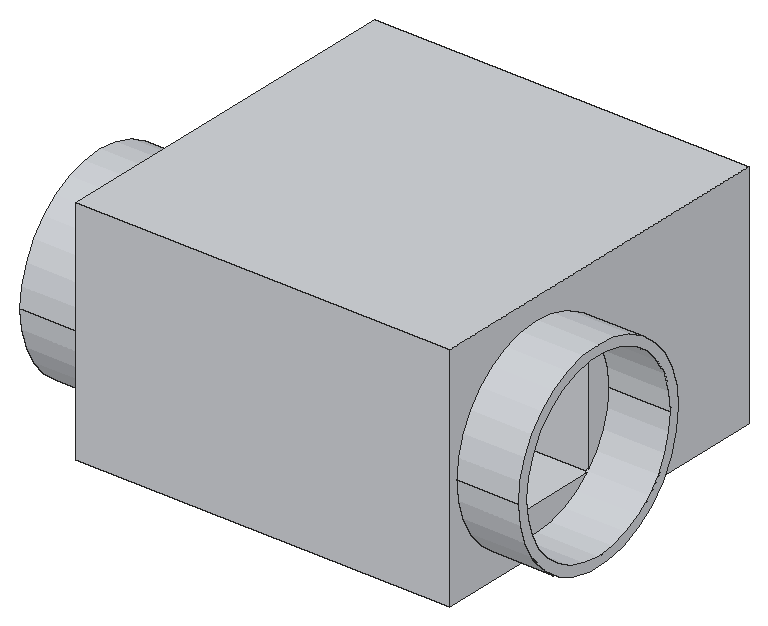
Revit family "ROSENBERG_Z_U", category Wyposażenie mechaniczne, Revit 2016
Family settings
  Typ części = Dzieli na
  Wymiar okrągłego złącza = Użyj średnicy
  Numer OmniClass = 23.75.00.00
  Tytuł OmniClass = Climate Control (HVAC)
  Oparty na płaszczyźnie roboczej = Nie
  Zawsze pionowo = Tak
  Tnij formami wycięć po wczytaniu = Nie
  Współdzielony = Tak
  Punkt obliczania pomieszczeń = Nie
Parameters (values of type "Z 160 U G")
  Średnica przyłącza = 160 mm
  param_otwor.sr = Średnica przyłącza - 15 mm  # 145 mm
  param_Wentylator szerokość = 300 mm
  param_Went.Przył.odsunięcie Y = 88 mm
  param_Went.Przył.odsunięcie X = 213 mm
  param_Wysokość kołnierza = 30 mm
  param_f1 = ((param_Wentylator długość / 2) / 3) + (param_Wentylator długość / 2)  # 266.667 mm
  param_Wentylator długość = 400 mm
  param_Skrzynia długość = 300 mm
  param_b1 = (param_Wentylator długość / 2) / 2  # 100 mm
  Użyj skali opisów [instance] = 0
  URL = "https://rosenberg.pl/pl/products/fans/duct-fans/circular-connection/zerobox-ultimate/F05-16018/detail?page=1"
  param_ramie = 105 mm
  param_Wentylator wysokość = 185 mm
  Numer katalogowy = "F05-16018"
  Producent = "Rosenberg"
  Opis = "Wentylator kanałowy Zerobox Ultimate"
  Prąd znamionowy = 0.8 A
  Napięcie znamionowe = 230 V
  Model = "Z  160 U G"
  Moc znamionowa = 110 W
  Materiał = none
  Masa = 7.50 kg
  Klasa szczeloności = "IP44"
  Częstotliwość pracy 1 = 60 Hz
  Częstotliwość pracy = 50 Hz
  Charakterystyka pracy = "https://rosenberg.pl/pl/products/fans/duct-fans/circular-connection/zerobox-ultimate/F05-16018/detail?page=1#product-characteristics"
Reference planes
  plane 1 "Center (Front/Back)": y = 0
  plane 2: z = 0
  plane 3 "Center (Left/Right)": x = 0
  plane 4 "t1": z = 185
  plane 5 "front": x = -200
  plane 6 "back": x = 200
  plane 7 "front2": x = -150
  plane 8 "back2": x = 150
  plane 9 "s1": y = 150
  plane 10 "s2": y = -150
  plane 11: y = -63
  plane 12 "h1": z = 88
Forms (mm)
  Extrusion 1, solid
    sketch origin (0, 0, 0) x (1, 0, 0) y (0, 1, 0)
      loop
        line (-150, 150) -> (-150, -150) -> (150, -150) -> (150, 150) -> (-150, 150)
    from 0 to 185
  Sweep 2, solid
    path origin (0, 0, 88) x (-1, 0, 0) y (0, -1, 0)
      loop
        line (200, 63) -> (150, 63)
    profile "Profil1 : Profil1" origin (-175, -63, 88) x (0, 1, 0) y (0, 0, 1)
      loop
        circle (0, 0) r 80
  Sweep 3, solid
    path origin (0, 0, 88) x (-1, 0, 0) y (0, -1, 0)
      loop
        line (-150, 63) -> (-200, 63)
    profile "Profil1 : Profil1" origin (175, -63, 88) x (0, 1, 0) y (0, 0, 1)
      loop
        circle (0, 0) r 80
  Extrusion 4, solid
    sketch origin (0, 12.5, 88) x (-1, 0, 0) y (0, -1, 0)
      loop
        line (185, -82.5) -> (185, -40.736) -> (150, -40.736) -> (150, -82.5) -> (185, -82.5)
    from -30 to 30
  Sweep 5, void
    path origin (0, 0, 88) x (-1, 0, 0) y (0, -1, 0)
      loop
        line (200, 63) -> (150, 63)
    profile "Profil2 : Profil2" origin (-175, -63, 88) x (0, 1, 0) y (0, 0, 1)
      loop
        circle (0, 0) r 72.5
  Sweep 6, void
    path origin (0, 0, 88) x (-1, 0, 0) y (0, -1, 0)
      loop
        line (-150, 63) -> (-200, 63)
    profile "Profil2 : Profil2" origin (175, -63, 88) x (0, 1, 0) y (0, 0, 1)
      loop
        circle (0, 0) r 72.5
  Sweep 7, void
    path origin (0, 0, 88) x (-1, 0, 0) y (0, -1, 0)
      loop
        line (150, 63) -> (-150, 63)
    profile "Profil5 : Profil5" origin (0, -63, 88) x (0, 1, 0) y (0, 0, 1)
      loop
        line (-52.5, 52.5) -> (-52.5, -52.5) -> (52.5, -52.5) -> (52.5, 52.5) -> (-52.5, 52.5)
Cuts and joins
  Sweep 5, Sweep 6, Sweep 7 cuts Extrusion 1
  Sweep 5, Sweep 7 cuts Sweep 2
  Sweep 5, Sweep 6, Sweep 7 cuts Sweep 3
Dimensions and locks
  equal spacing: plane 5 "front", plane 3 "Center (Left/Right)", plane 6 "back"
  "param_Wentylator długość": plane 5 "front" to plane 6 "back"
  equal spacing: plane 7 "front2", plane 3 "Center (Left/Right)", plane 8 "back2"
  "param_Skrzynia długość": plane 7 "front2" to plane 8 "back2"
  equal spacing: plane 9 "s1", plane 1 "Center (Front/Back)", plane 10 "s2"
  "param_Wentylator szerokość": plane 9 "s1" to plane 10 "s2"
  "param_Wentylator wysokość": plane 4 "t1" to level
  "param_Went.Przył.odsunięcie X": plane 9 "s1" to plane 11
  "param_Went.Przył.odsunięcie Y": plane 12 "h1" to level
  Extrusion 4 sketch curve to plane 8 "back2" = 300 mm
  cut or joined group of Extrusion 1, Sweep 5, Sweep 6, Sweep 7 to Extrusion 4 = 63.736 mm
  locked: Extrusion 4 to Extrusion 4 at 35
  plane 9 "s1" to Extrusion 4 = 55 mm
  aligned and locked: level to plane 2
  aligned and locked: Extrusion 1 sketch curve to plane 9 "s1"
  aligned and locked: plane 7 "front2" to Extrusion 1 sketch curve
  aligned and locked: plane 10 "s2" to Extrusion 1 sketch curve
  aligned and locked: Extrusion 1 sketch curve to plane 8 "back2"
  aligned and locked: plane 4 "t1" to Extrusion 1
  aligned and locked: Extrusion 1 to level
  aligned and locked: Sweep 2 sketch curve to plane 11
  aligned and locked: plane 12 "h1" to Sweep 2 sketch curve
  aligned and locked: plane 7 "front2" to Sweep 2 sketch curve
  aligned and locked: plane 5 "front" to Sweep 2 sketch curve
  aligned and locked: Sweep 3 sketch curve to plane 11
  aligned and locked: Sweep 3 sketch curve to plane 12 "h1"
  aligned and locked: plane 6 "back" to Sweep 3 sketch curve
  aligned and locked: plane 8 "back2" to Sweep 3 sketch curve
  aligned and locked: Sweep 5 sketch curve to plane 11
  aligned and locked: plane 5 "front" to Sweep 5 sketch curve
  aligned and locked: Sweep 5 sketch curve to plane 12 "h1"
  aligned and locked: plane 7 "front2" to Sweep 5 sketch curve
  aligned and locked: Sweep 6 sketch curve to plane 11
  aligned and locked: plane 6 "back" to Sweep 6 sketch curve
  aligned and locked: plane 8 "back2" to Sweep 6 sketch curve
  aligned and locked: Sweep 6 sketch curve to plane 12 "h1"
  aligned and locked: Sweep 7 sketch curve to plane 11
  aligned and locked: plane 7 "front2" to Sweep 7 sketch curve
  aligned and locked: plane 8 "back2" to Sweep 7 sketch curve
  aligned and locked: Sweep 7 sketch curve to plane 12 "h1"
  aligned and locked: plane 7 "front2" to Extrusion 4  (x2)
Automatic sketch dimensions
  Sweep 2 sketch curve to plane 7 "front2" = 0 mm
  Sweep 2 sketch curve to plane 5 "front" = 0 mm
  Sweep 3 sketch curve to plane 6 "back" = 0 mm
  Sweep 3 sketch curve to plane 8 "back2" = 0 mm
  Extrusion 4 sketch curve to plane 8 "back2" = 335 mm
  Extrusion 4 sketch curve to plane 9 "s1" = 55 mm
  Extrusion 4 sketch curve to Extrusion 4 sketch curve = 41.764 mm
Connectors
  hvac at (-200, -63, 88), driven by "Średnica przyłącza"
    settings: on Sweep 2, index 1, duct flow 0.0 L/s, flow factor 0, pres drop 0.0 Pa, loss coef 0, conn angle 0.00°, conn width 304.8 mm, conn height 304.8 mm, conn diameter 160 mm, duct sys type 29, conn prof type 0, flow config 0, flow direction 2, loss method 0, conn ref index 2, conn util no, is conn primary yes, conn desc "AirOut"
  hvac at (200, -63, 88), driven by "Średnica przyłącza"
    settings: on Sweep 3, index 2, duct flow 0.0 L/s, flow factor 0, pres drop 0.0 Pa, loss coef 0, conn angle 0.00°, conn width 304.8 mm, conn height 304.8 mm, conn diameter 160 mm, duct sys type 29, conn prof type 0, flow config 0, flow direction 1, loss method 0, conn ref index 1, conn util no, is conn primary no, conn desc "AirIn"
  electrical at (-167.5, 74.118, 58), driven by "Napięcie znamionowe", driven by "Moc znamionowa"
    settings: on Extrusion 4, index 3, voltage 230 V, apparent load 0 VA, apparent load phase1 110 VA, apparent load phase2 0 VA, apparent load phase3 0 VA, power factor 1, load classification "HVAC", number of poles 1, system type 31, power factor state 1, is connector primary yes, connector utility no, sub classification motor no, connector description ""
